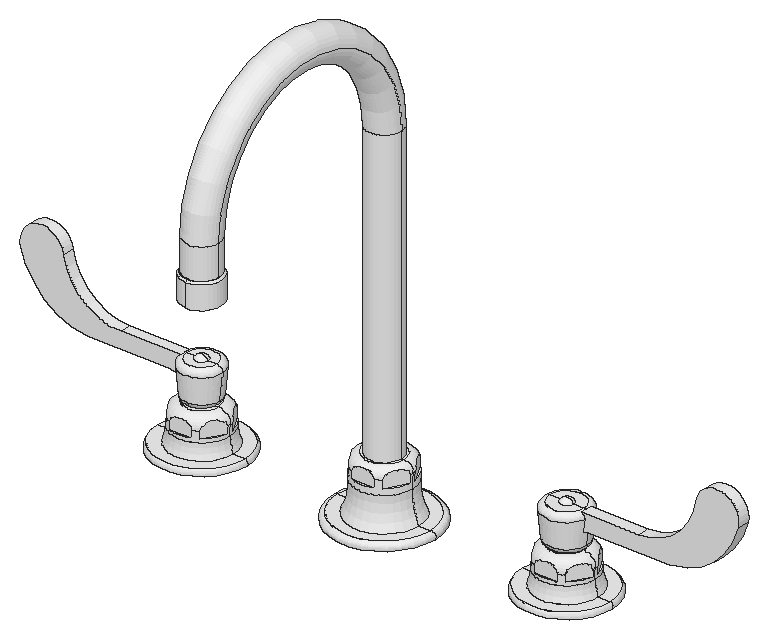
Revit family "xFaucet_Lavatory-Two_Handle-American_Standard-Monterrey-6540.173", category Plumbing Fixtures, Revit 2014
Parameters (values of type "6540.173")
  Width = 15 3/4"
  Waste Connection = no
  Warranty Information = "Limited Lifetime Warranty"
  WFU = 0
  Vent Connection = no
  URL = "http://www.americanstandard-us.com/"
  Specification = "Two-handle widespread lavatory faucet shall feature cast brass valve bodies with 8\" rigid copper connection and third water inlet. Shall feature water-conserving 1.5 gpm/5.7 L/min. pressure compensating aerator. Vandal-Resistant handles. Shall also feature 1/4 turn washerless ceramic disc valve cartridges. Field-convertible rigid/swivel spout. Fitting shall be American Standard Model # 6540.173.002."
  Product Page URL = "http://www.americanstandard-us.com/bathroom-products/monterrey/"
  Price = "Prices may vary. Please consult Manufacturer Representative for most up-to-date price list."  # constant formula
  Model = "6540.173"
  Material = "Brass-American Standard-002-Polished Chrome"
  Manufacturer = "American Standard"
  Length = 5"
  Installation Type = "Deck Mounted"
  IAPMO Compliance = "Lead Free"
  Hot Water Connection Width = 4"
  Hot Water Connection Radius = 1/4"
  Hot Water Connection Diameter = Hot Water Connection Radius * 2  # 1/2"
  Height = 10 5/8"
  HWFU = 1.5
  HW Connection = yes
  Flow Rate = "1.5 gpm (5.7 L/min)"
  Description = "Monterrey Two-Handle 8\" Widespread Lavatory Faucet, Rigid/Swivel Gooseneck Spout and Third Water Inlet."
  Default Elevation = 0"
  Creation Date = "11/14/2016"
  Cold Water Connection Width = 4"
  Cold Water Connection Radius = 1/4"
  Cold Water Connection Diameter = Cold Water Connection Radius * 2  # 1/2"
  CWFU = 1.5
  CW Connection = yes
  Assembly Code = "D2020"
  ADA Compliant = yes
Reference planes (in)
  plane 1 "Center (Front/Back)": y = 0
  plane 2: z = 0
  plane 3 "Center (Left/Right)": x = 0
  plane 4: z = 0.17426
  plane 5: y = -0.375
  plane 6: y = -5
  plane 7: z = 10.625
  plane 8: z = 6.5
  plane 9: x = -7.875
  plane 10: x = 7.875
  plane 11: x = -4
  plane 12: x = 4
Forms (in)
  Sweep 1, solid, material "Brass-American Standard-002-Polished Chrome"
    path origin (0, 0, -1.50506) x (0, 1, 0) y (0, 0, 1)
      loop
        line (0, 1.50506) -> (0, 9.25509)
        arc (0, 9.25509) -> (-2.5, 11.75509) -> (-5, 9.25509) r 2.5
        line (-5, 9.25509) -> (-5, 8.24965)
    profile origin (0, 0, 3.87501) x (0, -1, 0) y (1, 0, 0)
      loop
        circle (0, 0) r 0.375
  Revolve 2, solid, material "Brass-American Standard-002-Polished Chrome"
    sketch origin (0, 4.5, -0.45291) x (0, 1, 0) y (0, 0, 1)
      loop
        line (-9.92726, 7.48224) -> (-9.92726, 6.98147) -> (-9.88892, 6.98147) -> (-9.86892, 6.95291) -> (-9.5, 6.95291) -> (-9.5, 7.53052) -> (-9.89345, 7.53052) -> (-9.92726, 7.48224)
      axis (-9.5, 7.53052) -> (-9.5, 6.95291)
    angle from 0 to 360
  Revolve 3, solid, material "Brass-American Standard-002-Polished Chrome"
    sketch origin (0, 0, 0) x (1, 0, 0) y (0, 0, 1)
      loop
        arc (-4, 1.83383) -> (-4.07786, 1.81554) -> (-4.13264, 1.75726) r 0.13852
        line (-4.13264, 1.75726) -> (-4.32791, 1.75726)
        arc (-4.32791, 1.75726) -> (-4.42046, 1.71627) -> (-4.45232, 1.62019) r 0.125
        line (-4.45232, 1.62019) -> (-4.39778, 1.05773)
        arc (-4.39778, 1.05773) -> (-4.36565, 0.99373) -> (-4.29886, 0.96794) r 0.09938
        line (-4.29886, 0.96794) -> (-4.17228, 0.96794) -> (-4.17228, 0.93) -> (-4.37285, 0.93)
        arc (-4.37285, 0.93) -> (-4.55339, 0.85294) -> (-4.62262, 0.66927) r 0.25
        line (-4.62262, 0.66927) -> (-4.62262, 0.45123)
        arc (-4.62262, 0.45123) -> (-4.63597, 0.28237) -> (-4.68685, 0.12081) r 0.75054
        line (-4.68685, 0.12081) -> (-4.95648, 0.12081)
        arc (-4.95648, 0.12081) -> (-4.99181, 0.0653) -> (-5, 0) r 0.15007
        line (-5, 0) -> (-4, 0) -> (-4, 1.83383)
      axis (-4, 1.83383) -> (-4, 0)
    angle from 0 to 360
  Revolve 4, solid, material "Brass-American Standard-002-Polished Chrome"
    sketch origin (0, 0, 0) x (1, 0, 0) y (0, 0, 1)
      loop
        line (0, 0) -> (0, 1.32462) -> (-0.42891, 1.32462)
        arc (-0.42891, 1.32462) -> (-0.57144, 1.26558) -> (-0.63047, 1.12306) r 0.20156
        line (-0.63047, 1.12306) -> (-0.63047, 0.82462)
        arc (-0.63047, 0.82462) -> (-0.63991, 0.47235) -> (-0.76259, 0.142) r 1.07672
        line (-0.76259, 0.142) -> (-1.02139, 0.142)
        arc (-1.02139, 0.142) -> (-1.1063, 0.09564) -> (-1.12082, 0) r 0.1089
        line (-1.12082, 0) -> (0, 0)
      axis (0, 1.32462) -> (0, 0)
    angle from 0 to 360
  Extrusion 5, void
    sketch origin (0, 0, 0) x (1, 0, 0) y (0, 1, 0)
      loop
        line (-0.66376, 0) -> (-0.33188, -0.57483) -> (0.33188, -0.57483) -> (0.66376, 0) -> (0.33188, 0.57483) -> (-0.33188, 0.57483) -> (-0.66376, 0)
      loop
        circle (0, 0) r 0.75
    from 0.957 to 1.38415
  Extrusion 6, void
    sketch origin (0, 0, 0) x (1, 0, 0) y (0, 1, 0)
      loop
        line (-3.34125, 0) -> (-3.67062, 0.5705) -> (-4.32938, 0.5705) -> (-4.65875, 0) -> (-4.32938, -0.5705) -> (-3.67062, -0.5705) -> (-3.34125, 0)
      loop
        circle (-4, 0) r 0.70724
    from 0.93221 to 0.524
  Revolve 7, solid, material "Brass-American Standard-002-Polished Chrome"
    sketch origin (0, 0, 0) x (-1, 0, 0) y (0, 0, -1)
      loop
        line (-4, -1.83383) -> (-4, 0) -> (-5, 0)
        arc (-5, 0) -> (-4.99181, -0.0653) -> (-4.95648, -0.12081) r 0.15007
        line (-4.95648, -0.12081) -> (-4.68685, -0.12081)
        arc (-4.68685, -0.12081) -> (-4.63597, -0.28237) -> (-4.62262, -0.45123) r 0.75054
        line (-4.62262, -0.45123) -> (-4.62262, -0.66927)
        arc (-4.62262, -0.66927) -> (-4.55339, -0.85294) -> (-4.37285, -0.93) r 0.25
        line (-4.37285, -0.93) -> (-4.17228, -0.93) -> (-4.17228, -0.96794) -> (-4.34595, -0.96794)
        arc (-4.34595, -0.96794) -> (-4.41275, -0.99373) -> (-4.44487, -1.05773) r 0.09938
        line (-4.44487, -1.05773) -> (-4.49942, -1.62019)
        arc (-4.49942, -1.62019) -> (-4.46756, -1.71627) -> (-4.375, -1.75726) r 0.125
        line (-4.375, -1.75726) -> (-4.13264, -1.75726)
        arc (-4.13264, -1.75726) -> (-4.07786, -1.81554) -> (-4, -1.83383) r 0.13852
      axis (-4, -1.83383) -> (-4, 0)
    angle from 0 to 360
  Extrusion 8, void
    sketch origin (0, 0, 0) x (-1, 0, 0) y (0, -1, 0)
      loop
        line (-3.34125, 0) -> (-3.67062, 0.5705) -> (-4.32938, 0.5705) -> (-4.65875, 0) -> (-4.32938, -0.5705) -> (-3.67062, -0.5705) -> (-3.34125, 0)
      loop
        circle (-4, 0) r 0.70724
    from 0.93221 to 0.524
  Extrusion 9, solid, material "Brass-American Standard-002-Polished Chrome"
    sketch origin (0, 0, 0) x (1, 0, 0) y (0, 0, 1)
      loop
        line (-6.34938, 1.40079) -> (-4.62072, 1.40079)
        arc (-4.62072, 1.40079) -> (-4.38259, 1.34362) -> (-4.19638, 1.18458) r 0.52452
        line (-4.19638, 1.18458) -> (-4, 1.18458) -> (-4, 1.7507) -> (-5.68129, 1.7507)
        arc (-5.68129, 1.7507) -> (-6.5006, 2.05665) -> (-6.91884, 2.82474) r 1.25
        arc (-6.91884, 2.82474) -> (-7.48647, 3.2287) -> (-7.86079, 2.64111) r 0.48048
        arc (-7.86079, 2.64111) -> (-7.33208, 1.78814) -> (-6.40534, 1.40311) r 1.63938
        arc (-6.40534, 1.40311) -> (-6.37739, 1.40137) -> (-6.34938, 1.40079) r 0.67731
    from -0.125 to 0.125
  Extrusion 10, solid, material "Brass-American Standard-002-Polished Chrome"
    sketch origin (0, 0, 0) x (-1, 0, 0) y (0, 0, -1)
      loop
        arc (-6.34938, -1.40079) -> (-6.37739, -1.40137) -> (-6.40534, -1.40311) r 0.67731
        arc (-6.40534, -1.40311) -> (-7.33208, -1.78814) -> (-7.86079, -2.64111) r 1.63938
        arc (-7.86079, -2.64111) -> (-7.48647, -3.2287) -> (-6.91884, -2.82474) r 0.48048
        arc (-6.91884, -2.82474) -> (-6.5006, -2.05665) -> (-5.68129, -1.7507) r 1.25
        line (-5.68129, -1.7507) -> (-4, -1.7507) -> (-4, -1.18458) -> (-4.19638, -1.18458)
        arc (-4.19638, -1.18458) -> (-4.38259, -1.34362) -> (-4.62072, -1.40079) r 0.52452
        line (-4.62072, -1.40079) -> (-6.34938, -1.40079)
    from -0.125 to 0.125
Cuts and joins
  Extrusion 6 cuts Revolve 3
  Extrusion 5 cuts Revolve 4
  Extrusion 8 cuts Revolve 7
  joined: Sweep 1, Revolve 2, Revolve 3, Revolve 4, Revolve 7, Extrusion 9, Extrusion 10
Lines and regions (in)
  Masking region 1
    outline origin (0, 0, 0) x (1, 0, 0) y (0, 1, 0)
      loop
        line (-4.99216, 0.125) -> (-7.875, 0.125) -> (-7.875, -0.125) -> (-4.99216, -0.125)
        arc (-4.99216, -0.125) -> (-3, 0) -> (-4.99216, 0.125) r 1
      loop
        line (7.875, 0.125) -> (4.99216, 0.125)
        arc (4.99216, 0.125) -> (3, 0) -> (4.99216, -0.125) r 1
        line (4.99216, -0.125) -> (7.875, -0.125) -> (7.875, 0.125)
      loop
        line (-0.37856, -1.05496) -> (-0.37856, -4.80191)
        arc (-0.37856, -4.80191) -> (0, -5.42726) -> (0.37856, -4.80191) r 0.42726
        line (0.37856, -4.80191) -> (0.37856, -1.05496)
        arc (0.37856, -1.05496) -> (0, 1.12082) -> (-0.37856, -1.05496) r 1.12082
  symbolic lines, detail levels fine
    curve 1: circle (-4, 0, 0) r 0.13264 normal (0, 0, -1)
    curve 3: arc (-0.37856, -0.50417, 0) -> (0.00635, 0.63044, 0) -> (0.36833, -0.51169, 0) r 0.63047
    curve 7: circle (4, 0, 0) r 0.13264 normal (0, 0, 1)
    curve 11: arc (4.67538, 0.125, 0) -> (3.31315, 0, 0) -> (4.67538, -0.125, 0) r 0.68685
    curve 14: arc (-4.67538, 0.125, 0) -> (-3.31315, 0, 0) -> (-4.67538, -0.125, 0) r 0.68685
  symbolic lines, detail levels medium+fine
    curve 2: arc (0.37856, -0.66199, 0) -> (0, 0.76259, 0) -> (-0.37856, -0.66199, 0) r 0.76259
    curve 4: arc (-0.37856, 0, 0) -> (0, 0.37856, 0) -> (0.37856, 0, 0) r 0.37856
    curve 5: line (0.37856, 0, 0) -> (0.37856, -1.05496, 0)
    curve 6: line (-0.37856, 0, 0) -> (-0.37856, -1.05496, 0)
    curve 8: arc (-0.37856, -4.89278, 0) -> (0, -5.39345, 0) -> (0.37856, -4.89278, 0) r 0.39345
    curve 9: line (4.99216, 0.125, 0) -> (4.43532, 0.125, 0)
    curve 10: line (4.99216, -0.125, 0) -> (4.43532, -0.125, 0)
    curve 12: line (-4.99216, 0.125, 0) -> (-4.43532, 0.125, 0)
    curve 13: line (-4.99216, -0.125, 0) -> (-4.43532, -0.125, 0)
    curve 15: arc (-4.43532, -0.125, 0) -> (-3.54709, 0, 0) -> (-4.43532, 0.125, 0) r 0.45291
    curve 16: arc (4.43532, -0.125, 0) -> (3.54709, 0, 0) -> (4.43532, 0.125, 0) r 0.45291
    curve 17: line (-0.37856, -4.80191, 0) -> (-0.37856, -4.89278, 0)
    curve 18: line (0.37856, -4.80191, 0) -> (0.37856, -4.89278, 0)
Dimensions and locks (in)
  locked: Sweep 1 sketch curve to plane 5 at 0.375
  "Height": plane 7 to level
  "Length": plane 1 "Center (Front/Back)" to plane 6
  "Width": plane 10 to plane 9
  plane 10 to plane 12 = 3 7/8"
  plane 11 to plane 9 = 3 7/8"
  "Hot Water Connection Width": plane 3 "Center (Left/Right)" to plane 11
  "Cold Water Connection Width": plane 12 to plane 3 "Center (Left/Right)"
  aligned and locked: Revolve 3 sketch curve to Revolve 3 sketch curve
  aligned and locked: Revolve 7 sketch curve to Revolve 7 sketch curve
Automatic sketch dimensions
  curve 1 to curve 14 = 0"  (x2)
  curve 1 to curve 15 = 0"  (x2)
  curve 2 to curve 3 = 0"  (x2)
  curve 2 to curve 4 = 0"  (x2)
  curve 3 to curve 4 = 0"  (x2)
  curve 7 to curve 11 = 0"  (x2)
  curve 7 to curve 16 = 0"  (x2)
  curve 11 to curve 16 = 0"  (x2)
  curve 14 to curve 15 = 0"  (x2)
  plane 1 "Center (Front/Back)" to curve 15 = 0"
  curve 15 to plane 11 = 0"
  plane 1 "Center (Front/Back)" to curve 6 = 0"
  curve 2 to plane 3 "Center (Left/Right)" = 0"
  curve 8 to plane 3 "Center (Left/Right)" = 0"
  plane 1 "Center (Front/Back)" to curve 7 = 0"
  curve 7 to plane 12 = 0"
  plane 6 to curve 8 = 0"
  curve 12 to plane 1 "Center (Front/Back)" = 1/8"
  curve 12 to plane 11 = 0.43532"
  plane 1 "Center (Front/Back)" to curve 13 = 1/8"
  curve 6 to plane 3 "Center (Left/Right)" = 0.37856"
  curve 17 to plane 6 = 0.10722"
  curve 17 to plane 3 "Center (Left/Right)" = 0.37856"
  curve 18 to plane 6 = 0.10722"
  curve 9 to plane 1 "Center (Front/Back)" = 1/8"
  plane 12 to curve 9 = 0.43532"
  plane 1 "Center (Front/Back)" to curve 10 = 1/8"
  curve 14 to curve 15 = 0.24006"
  curve 12 to curve 14 = 0.31678"
  curve 13 to curve 12 = 0"
  curve 3 to curve 2 = 0.01023"
  curve 16 to curve 11 = 0.24006"
  curve 11 to curve 9 = 0.31678"
  curve 10 to curve 9 = 0"
  curve 8 to curve 17 = 0.09087"
  curve 18 to curve 18 = 0.09087"
  curve 6 to curve 6 = 1.05496"
  curve 6 to curve 5 = 0"
  curve 5 to curve 2 = 0.39297"
  curve 2 to curve 3 = 0.1503"
  Sweep 1 sketch curve to plane 6 = 0"
  Sweep 1 sketch curve to level = 0"
  plane 8 to Sweep 1 sketch curve = 1.25002"
  plane 8 to Sweep 1 sketch curve = 0.24459"
  Sweep 1 sketch curve to profile plane = 0"  (x2)
  Revolve 2 sketch curve to plane 8 = 0"
  Revolve 2 sketch curve to plane 6 = 0"  (x2)
  plane 6 to Revolve 2 sketch curve = 0.36892"
  plane 8 to Revolve 2 sketch curve = 0.02857"
  Revolve 2 sketch curve to Revolve 2 sketch curve = 0.02"
  plane 6 to Revolve 2 sketch curve = 0.39345"
  Revolve 2 sketch curve to Revolve 2 sketch curve = 0.03834"
  Revolve 2 sketch curve to Revolve 2 sketch curve = 0.50077"
  Revolve 2 sketch curve to Revolve 2 sketch curve = 0.04828"
  Revolve 2 sketch curve to plane 8 = 1.85153"
  Revolve 2 sketch curve to Revolve 2 sketch curve = 0.17914"
  Revolve 3 sketch curve to level = 0"
  Revolve 3 sketch curve to plane 11 = 0"
  Revolve 3 sketch curve to plane 11 = 0.00861"
  Revolve 3 sketch curve to plane 11 = 0.13264"
  Revolve 3 sketch curve to plane 11 = 0.17228"
  Revolve 3 sketch curve to Revolve 3 sketch curve = 0.12658"
  Revolve 3 sketch curve to Revolve 3 sketch curve = 0.19527"
  Revolve 3 sketch curve to Revolve 3 sketch curve = 0.07399"
  Revolve 3 sketch curve to Revolve 3 sketch curve = 0.09892"
  Revolve 3 sketch curve to Revolve 3 sketch curve = 0.12442"
  Revolve 3 sketch curve to Revolve 3 sketch curve = 0.24977"
  level to Revolve 3 sketch curve = 0.12081"
  Revolve 3 sketch curve to Revolve 3 sketch curve = 0.06423"
  level to Revolve 3 sketch curve = 0.01443"
  Revolve 3 sketch curve to Revolve 3 sketch curve = 0.16378"
  Revolve 3 sketch curve to Revolve 3 sketch curve = 0.10585"
  level to Revolve 3 sketch curve = 0.42558"
  Revolve 3 sketch curve to Revolve 3 sketch curve = 0.41625"
  Revolve 3 sketch curve to Revolve 3 sketch curve = 0.21804"
  Revolve 3 sketch curve to Revolve 3 sketch curve = 0.01074"
  Revolve 3 sketch curve to Revolve 3 sketch curve = 0.03794"
  Revolve 3 sketch curve to Revolve 3 sketch curve = 0.12773"
  Revolve 3 sketch curve to Revolve 3 sketch curve = 0.56246"
  Revolve 3 sketch curve to Revolve 3 sketch curve = 0.01207"
  Revolve 3 sketch curve to Revolve 3 sketch curve = 0.06167"
  Revolve 3 sketch curve to level = 0.17825"
  Revolve 3 sketch curve to Revolve 3 sketch curve = 0.45282"
  Revolve 4 sketch curve to level = 0"
  Revolve 4 sketch curve to plane 3 "Center (Left/Right)" = 0"  (x2)
  Revolve 4 sketch curve to plane 3 "Center (Left/Right)" = 0.42891"
  Revolve 4 sketch curve to Revolve 4 sketch curve = 0.20156"
  plane 4 to Revolve 4 sketch curve = 0.03226"
  Revolve 4 sketch curve to Revolve 4 sketch curve = 0.13211"
  level to Revolve 4 sketch curve = 0.03318"
  Revolve 4 sketch curve to Revolve 4 sketch curve = 0.25451"
  Revolve 4 sketch curve to Revolve 4 sketch curve = 0.0043"
  Revolve 4 sketch curve to Revolve 4 sketch curve = 0.67562"
  level to Revolve 4 sketch curve = 0.67694"
  Revolve 4 sketch curve to Revolve 4 sketch curve = 0.29844"
  Revolve 4 sketch curve to Revolve 4 sketch curve = 0.30223"
  Revolve 4 sketch curve to Revolve 4 sketch curve = 0.12315"
  plane 1 "Center (Front/Back)" to Extrusion 5 sketch curve = 0"  (x3)
  Extrusion 5 sketch curve to plane 3 "Center (Left/Right)" = 0"
  Extrusion 5 sketch curve to plane 3 "Center (Left/Right)" = 0.33188"  (x2)
  Extrusion 5 sketch curve to plane 3 "Center (Left/Right)" = 0.66376"
  plane 3 "Center (Left/Right)" to Extrusion 5 sketch curve = 0.33188"  (x2)
  Extrusion 5 sketch curve to Extrusion 5 sketch curve = 0.33188"
  plane 1 "Center (Front/Back)" to Extrusion 5 sketch curve = 0.57483"
  Extrusion 5 sketch curve to plane 1 "Center (Front/Back)" = 0.57483"
  plane 1 "Center (Front/Back)" to Extrusion 6 sketch curve = 0"  (x3)
  Extrusion 6 sketch curve to plane 11 = 0"
  Extrusion 6 sketch curve to plane 11 = 0.32938"  (x2)
  Extrusion 6 sketch curve to Extrusion 6 sketch curve = 0.32938"  (x2)
  plane 11 to Extrusion 6 sketch curve = 0.32938"  (x2)
  plane 1 "Center (Front/Back)" to Extrusion 6 sketch curve = 0.5705"
  Extrusion 6 sketch curve to plane 1 "Center (Front/Back)" = 0.5705"
  Revolve 7 sketch curve to level = 0"
  Revolve 7 sketch curve to plane 12 = 0"
  plane 12 to Revolve 7 sketch curve = 0.00861"
  plane 12 to Revolve 7 sketch curve = 0.13264"
  plane 12 to Revolve 7 sketch curve = 0.17228"
  Revolve 7 sketch curve to Revolve 7 sketch curve = 0.17367"
  Revolve 7 sketch curve to Revolve 7 sketch curve = 0.0269"
  Revolve 7 sketch curve to Revolve 7 sketch curve = 0.24236"
  Revolve 7 sketch curve to Revolve 7 sketch curve = 0.09892"
  Revolve 7 sketch curve to Revolve 7 sketch curve = 0.12442"
  Revolve 7 sketch curve to Revolve 7 sketch curve = 0.24977"
  level to Revolve 7 sketch curve = 0.12081"
  Revolve 7 sketch curve to Revolve 7 sketch curve = 0.06423"
  level to Revolve 7 sketch curve = 0.01443"
  Revolve 7 sketch curve to Revolve 7 sketch curve = 0.16378"
  Revolve 7 sketch curve to Revolve 7 sketch curve = 0.10585"
  level to Revolve 7 sketch curve = 0.42558"
  Revolve 7 sketch curve to Revolve 7 sketch curve = 0.41625"
  Revolve 7 sketch curve to Revolve 7 sketch curve = 0.21804"
  Revolve 7 sketch curve to Revolve 7 sketch curve = 0.01074"
  Revolve 7 sketch curve to Revolve 7 sketch curve = 0.03794"
  Revolve 7 sketch curve to Revolve 7 sketch curve = 0.08979"
  Revolve 7 sketch curve to Revolve 7 sketch curve = 0.56246"
  Revolve 7 sketch curve to Revolve 7 sketch curve = 0.01207"
  Revolve 7 sketch curve to Revolve 7 sketch curve = 0.06167"
  Revolve 7 sketch curve to level = 0.17825"
  Revolve 7 sketch curve to Revolve 7 sketch curve = 0.45282"
  plane 1 "Center (Front/Back)" to Extrusion 8 sketch curve = 0"  (x3)
  Extrusion 8 sketch curve to plane 12 = 0"
  Extrusion 8 sketch curve to plane 12 = 0.32938"  (x2)
  Extrusion 8 sketch curve to Extrusion 8 sketch curve = 0.32938"  (x2)
  plane 12 to Extrusion 8 sketch curve = 0.32938"  (x2)
  Extrusion 8 sketch curve to plane 1 "Center (Front/Back)" = 0.5705"
  plane 1 "Center (Front/Back)" to Extrusion 8 sketch curve = 0.5705"
  Extrusion 9 sketch curve to plane 11 = 0"
  Extrusion 9 sketch curve to plane 11 = 0.19638"
  Extrusion 9 sketch curve to Extrusion 9 sketch curve = 0.42434"
  Extrusion 9 sketch curve to plane 11 = 1.68129"
  Extrusion 9 sketch curve to Extrusion 9 sketch curve = 0.58862"
  Extrusion 9 sketch curve to Extrusion 9 sketch curve = 0.6681"
  plane 9 to Extrusion 9 sketch curve = 123/256"
  level to Extrusion 9 sketch curve = 0.87627"
  Extrusion 9 sketch curve to Extrusion 9 sketch curve = 0.3083"
  Extrusion 9 sketch curve to Extrusion 9 sketch curve = 0.34991"
  Extrusion 9 sketch curve to Extrusion 9 sketch curve = 0.67731"
  Extrusion 9 sketch curve to Extrusion 9 sketch curve = 0.679"
  Extrusion 9 sketch curve to Extrusion 9 sketch curve = 0.9226"
  Extrusion 9 sketch curve to Extrusion 9 sketch curve = 0.03619"
  Extrusion 9 sketch curve to Extrusion 9 sketch curve = 0"  (x2)
  Masking region 1 sketch curve to plane 9 = 0"
  plane 1 "Center (Front/Back)" to Masking region 1 sketch curve = 0"  (x3)
  Masking region 1 sketch curve to plane 11 = 0"
  Masking region 1 sketch curve to plane 3 "Center (Left/Right)" = 0"  (x2)
  Masking region 1 sketch curve to plane 12 = 0"
  Masking region 1 sketch curve to plane 10 = 0"
  plane 6 to Masking region 1 sketch curve = 0"
  Masking region 1 sketch curve to plane 1 "Center (Front/Back)" = 1/8"  (x2)
  Masking region 1 sketch curve to plane 11 = 0.99216"
  plane 1 "Center (Front/Back)" to Masking region 1 sketch curve = 1/8"  (x2)
  Masking region 1 sketch curve to plane 3 "Center (Left/Right)" = 0.37856"
  Masking region 1 sketch curve to plane 6 = 0.19809"
  plane 3 "Center (Left/Right)" to Masking region 1 sketch curve = 0.37856"
  plane 12 to Masking region 1 sketch curve = 0.99216"
  plane 1 "Center (Front/Back)" to Masking region 1 sketch curve = 1.05496"
  Extrusion 10 sketch curve to plane 12 = 0"
  plane 12 to Extrusion 10 sketch curve = 0.19638"
  Extrusion 10 sketch curve to Extrusion 10 sketch curve = 0.42434"
  plane 12 to Extrusion 10 sketch curve = 1.68129"
  Extrusion 10 sketch curve to Extrusion 10 sketch curve = 0.58862"
  Extrusion 10 sketch curve to Extrusion 10 sketch curve = 0.6681"
  Extrusion 10 sketch curve to plane 10 = 123/256"
  level to Extrusion 10 sketch curve = 3.03689"
  Extrusion 10 sketch curve to Extrusion 10 sketch curve = 0.03619"
  Extrusion 10 sketch curve to Extrusion 10 sketch curve = 0.27978"
  Extrusion 10 sketch curve to Extrusion 10 sketch curve = 0.95878"
  level to Extrusion 10 sketch curve = 1.7507"
  Extrusion 10 sketch curve to Extrusion 10 sketch curve = 0.34991"
  Extrusion 10 sketch curve to Extrusion 10 sketch curve = 0.56612"
  Extrusion 10 sketch curve to Extrusion 10 sketch curve = 0"  (x2)
  radius of curve 1 = 0.13264"
  radius of curve 7 = 0.13264"
  radius of Sweep 1 sketch curve = 3/8"
  radius of Extrusion 5 sketch curve = 3/4"
  radius of Extrusion 6 sketch curve = 0.70724"
  radius of Extrusion 8 sketch curve = 0.70724"
Connectors (in)
  piping at (-4, 0, 0), diameter 0.5, driven by "Hot Water Connection Diameter", driven by "HWFU"
    settings: on cut or joined group 1 (Sweep 1, Revolve 2, Revolve 3, Revolve 4, Extrusion 5, Extrusion 6, Revolve 7, Extrusion 8, Extrusion 9, Extrusion 10), index 1, connector inside diameter 24", connector length 0", flow factor 0, pipe flow 0 GPM, pressure drop 0.00 psi, fitting loss kfactor 0, connector angle 0.00°, fixture units 1.5, engagement length 0", angle of deflection 0.00°, flow configuration 3, flow direction 1, fitting loss method 0, system type 19, joint type 0, gender type 0, connector reference index -1, connector utility 0, adjustable connector no, is connector primary yes, connector description "1/2\" NPSM HW Supply Inlet"
  piping at (4, 0, 0), diameter 0.5, driven by "Cold Water Connection Diameter", driven by "CWFU"
    settings: on cut or joined group 1, index 2, connector inside diameter 24", connector length 0", flow factor 0, pipe flow 0 GPM, pressure drop 0.00 psi, fitting loss kfactor 0, connector angle 0.00°, fixture units 1.5, engagement length 0", angle of deflection 0.00°, flow configuration 3, flow direction 1, fitting loss method 0, system type 20, joint type 0, gender type 0, connector reference index -1, connector utility 0, adjustable connector no, is connector primary no, connector description "1/2\" NPSM CW Supply Inlet"
